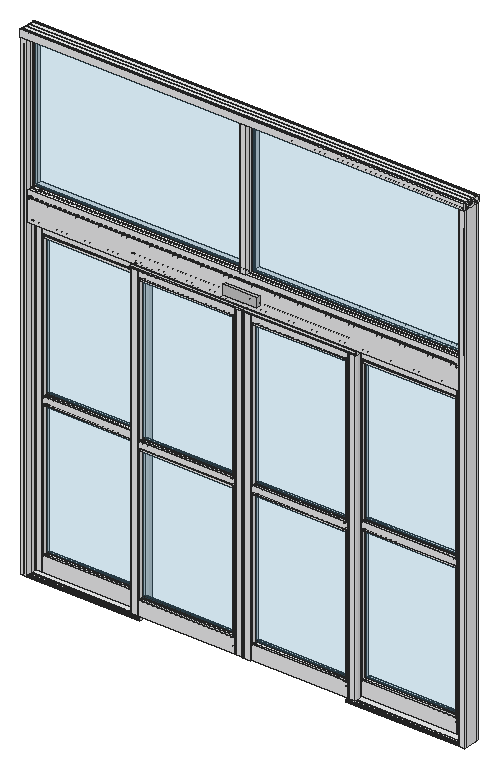
Revit family "2-6-11_Sliding-Door_TX9300SL_Bipart-Inside-Slide-w-Transom-SO-SX-SX-SO_Tormax", category Doors, host Wall, Revit 2026
Family settings
  Host = Wall
  Classification Number = 23.30.10.00
  Always vertical = Yes
  Cut with Voids When Loaded = No
  Shared = No
  Room Calculation Point = No
Parameters (values of type "10'-0" Package Width")
  Width = 10' - 0"
  URL = "https://www.tormaxusa.com"
  Thickness = 0' - 4 1/2"  # constant formula
  Specification = "https://www.arcat.com/company/tormax-usa-inc-43969/spec"
  Rough Width = Width + 0' 0 1/2"  # 10' - 0 1/2"
  Rough Height = Height + 0' 0 1/4"  # 11' - 0 1/4"
  Product Page URL = "https://www.arcat.com/arcatcos/cos43/arc43969.html"
  Model = "TX9300SL"
  Manufacturer = "Tormax"
  Keynote = "08 42 29"
  Height = 11' - 0"  # constant formula
  Glass = Glass - Tormax
  Frame Projection Ext. = 0' - 0"
  Frame Projection Int. = 0' - 0"
  Frame Width = 0' - 0"
  Wall Closure = By host
  Door Width = Width / 4 + 0' 0 3/8"  # 2' - 6 3/8"
  Door Height = Height  # 11' - 0"
  Frame Material = Aluminum - Tormax
  Description = "Bipart Inside Slide Application w/ Transom (SO-SX-SX-SO), 10'-0\" Package Width"
  Define Thermal Properties by = Schematic Type
  Copyright = "ARCAT"
  CAD Details = "https://www.arcat.com/company/tormax-usa-inc-43969/cad"
  Analytic Construction = "<None>"
Reference planes (in)
  plane 1 "Center (Front/Back)": y = 0
  plane 2 "Center (Left/Right)": x = 0
  plane 3 "Left": x = -60.25
  plane 4 "Right": x = 60.25
  plane 5 "Top": z = 131.75
  plane 6 "Exterior": y = 3
  plane 7 "Interior": y = -3
  plane 8: x = -0.0625
  plane 9: x = 0.0625
  plane 10: y = -2.25
  plane 11 "4": z = 85
  plane 12: x = -60
  plane 13: x = 60
  plane 14: z = 131.5
  plane 15: y = 2.25
  plane 16: x = -58.24908
  plane 17: x = 58.24908
  plane 18: y = 0.98506
  plane 19: y = -1.38997
  plane 20: x = -15.25
  plane 21: z = 91.5
  plane 22: x = -30.4375
  plane 23: x = 30.4375
  plane 24: x = 15.25
  plane 25: z = 129.6875
  plane 26: x = -27.8127
  plane 27: x = 27.8127
  plane 28: z = -0.5
  plane 29: z = 0.5
Forms (in)
  Extrusion 1, solid, material "Plastic - Tormax - Grey"
    sketch origin (0, 0, 0) x (1, 0, 0) y (0, 0, 1)
      loop
        line (-4.5, 89.555) -> (-4.5, 86.945) -> (4.5, 86.945) -> (4.5, 89.555) -> (-4.5, 89.555)
    from 2.23036 to 3.23457
  Extrusion 2, solid, material "Plastic - Tormax - Grey"
    sketch origin (0, 0, 0) x (1, 0, 0) y (0, 0, 1)
      loop
        line (-4.5, 89.555) -> (-4.5, 86.945) -> (4.5, 86.945) -> (4.5, 89.555) -> (-4.5, 89.555)
    from -3.25 to -2.23457
  Sweep 3, solid, material "Aluminum - Tormax" <- "Frame Material"
    path origin (0, 0, 0) x (1, 0, 0) y (0, 0, 1)
      loop
        line (-58.24908, 85) -> (58.24908, 85)
    profile origin (0, 0, 85) x (0, 0, 1) y (0, -1, 0)
      loop
        line (5.77619, 2.07466) -> (5.77619, 1.22179) -> (5.91858, 1.22179)
        arc (5.91858, 1.22179) -> (5.95775, 1.20557) -> (5.97397, 1.1664) r 0.05539
        line (5.97397, 1.1664) -> (5.97397, 1.11939) -> (6.03942, 1.11939) -> (6.06795, 1.15867) -> (6.25171, 1.15867) -> (6.25171, 0.53164) -> (6.11284, 0.53164) -> (6.11284, 0.64246) -> (6.03429, 0.64246) -> (6.03429, 0.53164) -> (5.97397, 0.53164) -> (5.97397, 0.29669) -> (6.05393, 0.29669) -> (6.05393, 0.42995) -> (6.1928, 0.42995) -> (6.1928, 0.32403) -> (6.33027, 0.32403) -> (6.33027, -0.00721) -> (6.1928, -0.00721) -> (6.1928, -0.11382) -> (6.05393, -0.11382) -> (6.05393, 0.01944) -> (5.97397, 0.01944) -> (5.97397, -0.19378) -> (6.27276, -0.19378) -> (6.27276, -0.11503)
        arc (6.27276, -0.11503) -> (6.30151, -0.08627) -> (6.33027, -0.11503) r 0.02876
        line (6.33027, -0.11503) -> (6.33027, -0.44908)
        arc (6.33027, -0.44908) -> (6.30151, -0.47783) -> (6.27276, -0.44908) r 0.02876
        line (6.27276, -0.44908) -> (6.27276, -0.37032) -> (5.97397, -0.37032) -> (5.97397, -0.58354) -> (6.05393, -0.58354) -> (6.05393, -0.45028) -> (6.1928, -0.45028) -> (6.1928, -0.55689) -> (6.33027, -0.55689) -> (6.33027, -0.88653) -> (6.1928, -0.88653) -> (6.1928, -0.99314) -> (6.05393, -0.99314) -> (6.05393, -0.85988) -> (5.97397, -0.85988) -> (5.97397, -1.0731) -> (6.27276, -1.0731) -> (6.27276, -0.99434)
        arc (6.27276, -0.99434) -> (6.30151, -0.96559) -> (6.33027, -0.99434) r 0.02876
        line (6.33027, -0.99434) -> (6.33027, -1.32981)
        arc (6.33027, -1.32981) -> (6.30151, -1.35856) -> (6.27276, -1.32981) r 0.02876
        line (6.27276, -1.32981) -> (6.27276, -1.25125) -> (5.97397, -1.25125) -> (5.97397, -1.46306) -> (6.05393, -1.46306) -> (6.05393, -1.3298) -> (6.1928, -1.3298) -> (6.1928, -1.43623) -> (6.24189, -1.43623) -> (6.24189, -1.76475) -> (6.1928, -1.76475) -> (6.1928, -1.87407) -> (6.05393, -1.87407) -> (6.05393, -1.7394) -> (5.97397, -1.7394) -> (5.97397, -1.93598)
        arc (5.97397, -1.93598) -> (5.93664, -2.02611) -> (5.84651, -2.06344) r 0.12746
        line (5.84651, -2.06344) -> (1.75483, -2.06344) -> (1.75483, -1.53331) -> (1.9456, -1.35354) -> (1.9456, -0.73504) -> (1.83128, -0.62071) -> (2.08658, -0.36541) -> (2.03117, -0.31001) -> (1.93648, -0.40469) -> (1.83689, -0.3051) -> (1.91264, -0.22935) -> (1.85512, -0.17184) -> (2.08868, 0.06172) -> (2.14619, 0.00421) -> (2.22127, 0.07928) -> (2.32086, -0.02032) -> (2.22615, -0.11502) -> (2.28156, -0.17043) -> (2.38466, -0.06733) -> (2.38466, 0.9202) -> (2.23457, 0.9202) -> (2.23457, 0.32723)
        arc (2.23457, 0.32723) -> (2.2005, 0.23362) -> (2.11423, 0.18382) r 0.14562
        line (2.11423, 0.18382) -> (2.0338, 0.16963)
        arc (2.0338, 0.16963) -> (1.99627, 0.15695) -> (1.96422, 0.13365) r 0.13141
        line (1.96422, 0.13365) -> (1.83569, 0.00654)
        arc (1.83569, 0.00654) -> (1.6158, -0.06179) -> (1.43332, 0.07864) r 0.25
        line (1.43332, 0.07864) -> (1.36206, 0.23145) -> (1.17269, 0.23145) -> (1.17269, 0.1529) -> (1.30595, 0.1529) -> (1.30595, 0.01262) -> (1.19934, 0.01262) -> (1.19934, -0.06867) -> (0.8697, -0.06867) -> (0.8697, 0.01262) -> (0.76309, 0.01262) -> (0.76309, 0.1529) -> (0.89635, 0.1529) -> (0.89635, 0.23145) -> (0.59196, 0.23145) -> (0.59196, 0.11643) -> (0.47481, 0.11643)
        arc (0.47481, 0.11643) -> (0.40392, 0.14579) -> (0.37455, 0.21669) r 0.10026
        line (0.37455, 0.21669) -> (0.37455, 1.02507)
        arc (0.37455, 1.02507) -> (0.36443, 1.03854) -> (0.34867, 1.03258) r 0.01403
        line (0.34867, 1.03258) -> (0.23145, 0.84785) -> (0.23145, 0.28897) -> (-0.01964, 0.28897) -> (-0.01964, 0.45028) -> (-0.21462, 0.45028) -> (-0.21462, 0.4068) -> (-0.15431, 0.4068) -> (-0.15431, 0.33666) -> (-0.48395, 0.33666) -> (-0.48395, 0.4068) -> (-0.42504, 0.4068) -> (-0.42504, 0.45028) -> (-0.62422, 0.45028) -> (-0.62422, 0.04489) -> (-0.42504, 0.04489) -> (-0.42504, 0.08837) -> (-0.48395, 0.08837) -> (-0.48395, 0.15851) -> (-0.15431, 0.15851) -> (-0.15431, 0.08837) -> (-0.21462, 0.08837) -> (-0.21462, 0.04489) -> (0, 0.04489) -> (0, -2.23457) -> (6.5, -2.23457) -> (6.5, -2.00635)
        arc (6.5, -2.00635) -> (6.48905, -1.99208) -> (6.47243, -1.99896) r 0.01477
        line (6.47243, -1.99896) -> (6.41577, -2.09711)
        arc (6.41577, -2.09711) -> (6.39129, -2.10725) -> (6.37515, -2.08622) r 0.02177
        line (6.37515, -2.08622) -> (6.37515, -1.85076) -> (6.5, -1.72592) -> (6.5, 2.23036) -> (0.28141, 2.23036) -> (0.28141, 1.68048) -> (0.40539, 1.68048) -> (0.40539, 2.10552) -> (6.03008, 2.10552) -> (6.03008, 1.97602) -> (5.93246, 1.97602)
        arc (5.93246, 1.97602) -> (5.88314, 1.9267) -> (5.93246, 1.87738) r 0.04932
        line (5.93246, 1.87738) -> (6.29099, 1.87738) -> (6.29099, 2.1562) -> (6.34244, 2.14241)
        arc (6.34244, 2.14241) -> (6.39719, 1.79317) -> (6.22817, 1.4827) r 0.55026
        line (6.22817, 1.4827) -> (6.14932, 1.4827) -> (6.14932, 1.35631) -> (5.87438, 1.35631) -> (5.87438, 1.93675)
        arc (5.87438, 1.93675) -> (5.89217, 1.97971) -> (5.93513, 1.99751) r 0.06075
        line (5.93513, 1.99751) -> (5.99221, 1.99751) -> (5.99221, 2.07466) -> (5.77619, 2.07466)
      loop
        line (0.07995, -1.86565) -> (0.26091, -1.86565) -> (0.26091, -1.94734) -> (0.30619, -1.97106) -> (0.30619, -2.06344) -> (1.5851, -2.06344) -> (1.5851, -1.38773) -> (1.33962, -1.38773) -> (1.33962, -1.17409) -> (1.41957, -1.17409) -> (1.41957, -1.30735) -> (1.55985, -1.30735) -> (1.55985, -1.20075) -> (1.75062, -1.20075) -> (1.75062, -0.8711) -> (1.55985, -0.8711) -> (1.55985, -0.76309) -> (1.41957, -0.76309) -> (1.41957, -0.89776) -> (1.33962, -0.89776) -> (1.33962, -0.66367) -> (1.69036, -0.66367) -> (1.69036, -0.25479) -> (1.4982, -0.21838) -> (0.7408, -0.21838) -> (0.47711, -0.03365) -> (0.3058, -0.03421) -> (0.3058, -0.2539) -> (0.26091, -0.28335) -> (0.26091, -0.39978) -> (0.07995, -0.39978) -> (0.07995, -1.86565)
  Sweep 4, solid, material "Aluminum - Tormax" <- "Frame Material"
    path origin (0, 0, 0) x (1, 0, 0) y (0, 0, 1)
      loop
        line (-60, 129.6875) -> (-60, -0.5)
    profile origin (-60, 0, 64.59375) x (0, -1, 0) y (1, 0, 0)
      loop
        line (-2.25, 0) -> (-1.81515, 0) -> (-1.81515, 0.11322) -> (-1.69933, 0.11322)
        arc (-1.69933, 0.11322) -> (-1.69067, 0.15137) -> (-1.70596, 0.18738) r 0.06366
        line (-1.70596, 0.18738) -> (-1.81808, 0.18738)
        arc (-1.81808, 0.18738) -> (-1.86945, 0.1699) -> (-1.89951, 0.12472) r 0.08425
        line (-1.89951, 0.12472) -> (-2.12383, 0.12472) -> (-2.12383, 1.62444) -> (-1.01125, 1.62444)
        arc (-1.01125, 1.62444) -> (-0.97854, 1.4893) -> (-0.88136, 1.38986) r 0.2623
        line (-0.88136, 1.38986) -> (-0.88136, 0.87481)
        arc (-0.88136, 0.87481) -> (-0.81729, 0.72014) -> (-0.66261, 0.65607) r 0.21875
        line (-0.66261, 0.65607) -> (0.66817, 0.65607)
        arc (0.66817, 0.65607) -> (0.82039, 0.71912) -> (0.88344, 0.87134) r 0.21527
        line (0.88344, 0.87134) -> (0.88344, 1.39109)
        arc (0.88344, 1.39109) -> (0.97912, 1.49036) -> (1.01125, 1.62444) r 0.2623
        line (1.01125, 1.62444) -> (2.12383, 1.62444) -> (2.12383, 0.12472) -> (1.89951, 0.12472)
        arc (1.89951, 0.12472) -> (1.86945, 0.1699) -> (1.81808, 0.18738) r 0.08425
        line (1.81808, 0.18738) -> (1.71377, 0.18738)
        arc (1.71377, 0.18738) -> (1.69848, 0.15137) -> (1.70714, 0.11322) r 0.06366
        line (1.70714, 0.11322) -> (1.80734, 0.11322) -> (1.80734, 0) -> (2.25, 0) -> (2.25, 1.75092) -> (0.85905, 1.75092) -> (0.85905, 1.49159) -> (0.72205, 1.49159) -> (0.72205, 1.6564) -> (0.66591, 1.6564) -> (0.66591, 1.42631) -> (0.75855, 1.42631) -> (0.75855, 0.87892)
        arc (0.75855, 0.87892) -> (0.72992, 0.80981) -> (0.6608, 0.78118) r 0.09775
        line (0.6608, 0.78118) -> (-0.65544, 0.78118)
        arc (-0.65544, 0.78118) -> (-0.72688, 0.81077) -> (-0.75647, 0.88221) r 0.10104
        line (-0.75647, 0.88221) -> (-0.75647, 1.42631) -> (-0.65809, 1.42631) -> (-0.65809, 1.65835) -> (-0.72205, 1.65835) -> (-0.72205, 1.49159) -> (-0.85868, 1.49159) -> (-0.85868, 1.75092) -> (-2.25, 1.75092) -> (-2.25, 0)
      loop
        line (-1.77192, 0) -> (1.76565, 0) -> (1.76565, 0.07235) -> (1.60504, 0.07235) -> (1.60504, 0.18932) -> (1.6607, 0.18932) -> (1.59241, 0.37695)
        arc (1.59241, 0.37695) -> (1.54664, 0.39829) -> (1.52529, 0.35252) r 0.03571
        line (1.52529, 0.35252) -> (1.57291, 0.22167) -> (1.53738, 0.20277) -> (1.53738, 0.07235) -> (0.63819, 0.07235) -> (0.63819, 0.55414) -> (0.55418, 0.55414) -> (0.55418, 0.07235) -> (-1.53738, 0.07235) -> (-1.53738, 0.20277) -> (-1.57291, 0.22167) -> (-1.52529, 0.35252)
        arc (-1.52529, 0.35252) -> (-1.54664, 0.39829) -> (-1.59241, 0.37695) r 0.03571
        line (-1.59241, 0.37695) -> (-1.6607, 0.18932) -> (-1.60504, 0.18932) -> (-1.60504, 0.07235) -> (-1.77192, 0.07235) -> (-1.77192, 0)
      loop
        line (-2.25, 120) -> (-2.25, 118.24908) -> (-0.85868, 118.24908) -> (-0.85868, 118.50841) -> (-0.72205, 118.50841) -> (-0.72205, 118.34165) -> (-0.65809, 118.34165) -> (-0.65809, 118.57369) -> (-0.75647, 118.57369) -> (-0.75647, 119.11779)
        arc (-0.75647, 119.11779) -> (-0.72688, 119.18923) -> (-0.65544, 119.21882) r 0.10104
        line (-0.65544, 119.21882) -> (0.6608, 119.21882)
        arc (0.6608, 119.21882) -> (0.72992, 119.19019) -> (0.75855, 119.12108) r 0.09775
        line (0.75855, 119.12108) -> (0.75855, 118.57369) -> (0.66591, 118.57369) -> (0.66591, 118.3436) -> (0.72205, 118.3436) -> (0.72205, 118.50841) -> (0.85905, 118.50841) -> (0.85905, 118.24908) -> (2.25, 118.24908) -> (2.25, 120) -> (1.80734, 120) -> (1.80734, 119.88678) -> (1.70714, 119.88678)
        arc (1.70714, 119.88678) -> (1.69848, 119.84863) -> (1.71377, 119.81262) r 0.06366
        line (1.71377, 119.81262) -> (1.81808, 119.81262)
        arc (1.81808, 119.81262) -> (1.86945, 119.8301) -> (1.89951, 119.87528) r 0.08425
        line (1.89951, 119.87528) -> (2.12383, 119.87528) -> (2.12383, 118.37556) -> (1.01125, 118.37556)
        arc (1.01125, 118.37556) -> (0.97912, 118.50964) -> (0.88344, 118.60891) r 0.2623
        line (0.88344, 118.60891) -> (0.88344, 119.12866)
        arc (0.88344, 119.12866) -> (0.82039, 119.28088) -> (0.66817, 119.34393) r 0.21527
        line (0.66817, 119.34393) -> (-0.66261, 119.34393)
        arc (-0.66261, 119.34393) -> (-0.81729, 119.27986) -> (-0.88136, 119.12519) r 0.21875
        line (-0.88136, 119.12519) -> (-0.88136, 118.61014)
        arc (-0.88136, 118.61014) -> (-0.97854, 118.5107) -> (-1.01125, 118.37556) r 0.2623
        line (-1.01125, 118.37556) -> (-2.12383, 118.37556) -> (-2.12383, 119.87528) -> (-1.89951, 119.87528)
        arc (-1.89951, 119.87528) -> (-1.86945, 119.8301) -> (-1.81808, 119.81262) r 0.08425
        line (-1.81808, 119.81262) -> (-1.70596, 119.81262)
        arc (-1.70596, 119.81262) -> (-1.69067, 119.84863) -> (-1.69933, 119.88678) r 0.06366
        line (-1.69933, 119.88678) -> (-1.81515, 119.88678) -> (-1.81515, 120) -> (-2.25, 120)
      loop
        line (-1.77192, 120) -> (-1.77192, 119.92765) -> (-1.60504, 119.92765) -> (-1.60504, 119.81068) -> (-1.6607, 119.81068) -> (-1.59241, 119.62305)
        arc (-1.59241, 119.62305) -> (-1.54664, 119.60171) -> (-1.52529, 119.64748) r 0.03571
        line (-1.52529, 119.64748) -> (-1.57291, 119.77833) -> (-1.53738, 119.79723) -> (-1.53738, 119.92765) -> (0.55418, 119.92765) -> (0.55418, 119.44586) -> (0.63819, 119.44586) -> (0.63819, 119.92765) -> (1.53738, 119.92765) -> (1.53738, 119.79723) -> (1.57291, 119.77833) -> (1.52529, 119.64748)
        arc (1.52529, 119.64748) -> (1.54664, 119.60171) -> (1.59241, 119.62305) r 0.03571
        line (1.59241, 119.62305) -> (1.6607, 119.81068) -> (1.60504, 119.81068) -> (1.60504, 119.92765) -> (1.76565, 119.92765) -> (1.76565, 120) -> (-1.77192, 120)
  Sweep 5, solid, material "Aluminum - Tormax" <- "Frame Material"
    path origin (0, 0, 0) x (-1, 0, 0) y (0, 0, -1)
      loop
        line (-60, -91.5) -> (-60, 0.5)
    profile origin (60, 0, 45.5) x (0, -1, 0) y (1, 0, 0)
      loop
        line (-0.57123, -1.42631) -> (-0.57123, -1.69246) -> (-0.72205, -1.69246) -> (-0.72205, -1.75092) -> (0.72205, -1.75092) -> (0.72205, -1.69246) -> (0.57123, -1.69246) -> (0.57123, -1.42631) -> (0.50727, -1.42631) -> (0.50727, -1.69246) -> (-0.50727, -1.69246) -> (-0.50727, -1.42631) -> (-0.57123, -1.42631)
      loop
        line (-0.57123, -118.57369) -> (-0.50727, -118.57369) -> (-0.50727, -118.30754) -> (0.50727, -118.30754) -> (0.50727, -118.57369) -> (0.57123, -118.57369) -> (0.57123, -118.30754) -> (0.72205, -118.30754) -> (0.72205, -118.24908) -> (-0.72205, -118.24908) -> (-0.72205, -118.30754) -> (-0.57123, -118.30754) -> (-0.57123, -118.57369)
  Sweep 6, solid, material "Aluminum - Tormax" <- "Frame Material"
    path origin (0, 0, 0) x (1, 0, 0) y (0, 0, 1)
      loop
        line (-58.24908, 85) -> (58.24908, 85)
    profile origin (0, 0, 85) x (0, 0, 1) y (0, -1, 0)
      loop
        line (6.5, 2.23457) -> (6.5, 2.00635)
        arc (6.5, 2.00635) -> (6.48905, 1.99208) -> (6.47243, 1.99896) r 0.01477
        line (6.47243, 1.99896) -> (6.41577, 2.09711)
        arc (6.41577, 2.09711) -> (6.39129, 2.10725) -> (6.37515, 2.08622) r 0.02177
        line (6.37515, 2.08622) -> (6.37515, 1.93279) -> (6.5, 1.80795) -> (6.5, -2.23457) -> (8.25016, -2.23457) -> (8.25016, -0.91) -> (8.28253, -0.89192) -> (8.38177, -0.13464) -> (8.42963, -0.06635)
        arc (8.42963, -0.06635) -> (8.4235, -0.03153) -> (8.38868, -0.03765) r 0.025
        line (8.38868, -0.03765) -> (8.27631, -0.198) -> (8.01611, -0.198) -> (8.11017, -0.10524)
        arc (8.11017, -0.10524) -> (8.11036, -0.07696) -> (8.08208, -0.07676) r 0.02
        line (8.08208, -0.07676) -> (7.98196, -0.1755) -> (7.93041, -0.4768) -> (7.80443, -0.5574) -> (7.84777, -0.70193)
        arc (7.84777, -0.70193) -> (7.88086, -0.723) -> (7.9065, -0.69331) r 0.03
        line (7.9065, -0.69331) -> (7.9065, -0.6575) -> (7.94166, -0.6575) -> (7.94166, -0.75425) -> (7.37471, -1.29239) -> (7.37471, -1.04856) -> (7.04734, -1.04856) -> (7.04734, -0.56198) -> (7.37563, -0.56198) -> (7.37563, 0.7666) -> (7.94166, 0.7666) -> (7.94166, 0.6575) -> (7.9065, 0.6575) -> (7.9065, 0.69331)
        arc (7.9065, 0.69331) -> (7.88086, 0.723) -> (7.84777, 0.70193) r 0.03
        line (7.84777, 0.70193) -> (7.80443, 0.5574) -> (7.93041, 0.4768) -> (7.98196, 0.1755) -> (8.08208, 0.07676)
        arc (8.08208, 0.07676) -> (8.11036, 0.07696) -> (8.11017, 0.10524) r 0.02
        line (8.11017, 0.10524) -> (8.01611, 0.198) -> (8.27631, 0.198) -> (8.38868, 0.03765)
        arc (8.38868, 0.03765) -> (8.4235, 0.03153) -> (8.42963, 0.06635) r 0.025
        line (8.42963, 0.06635) -> (8.38177, 0.13464) -> (8.28253, 0.89192) -> (8.25016, 0.91) -> (8.25016, 2.23457) -> (6.5, 2.23457)
      loop
        line (8.12516, 0.98853) -> (8.12516, 2.10957) -> (6.625, 2.10957) -> (6.625, 0.89208) -> (7.91768, 0.89208) -> (8.01405, 0.98853) -> (8.12516, 0.98853)
      loop
        line (7.25063, 0.7666) -> (6.625, 0.7666) -> (6.625, -0.43698) -> (7.25063, -0.43698) -> (7.25063, 0.7666)
      loop
        line (6.625, -2.10957) -> (7.09364, -2.10957) -> (7.09364, -1.39649) -> (6.92148, -1.39649) -> (6.92148, -0.56198) -> (6.625, -0.56198) -> (6.625, -2.10957)
      loop
        line (7.21864, -2.17246) -> (8.20004, -2.17246) -> (8.20004, -0.91763) -> (8.05686, -0.91763) -> (7.95226, -0.81302) -> (7.41137, -1.32644) -> (7.21864, -1.32644) -> (7.21864, -2.17246)
  Sweep 7, solid, material "Aluminum - Tormax" <- "Frame Material"
    path origin (0, 0, 0) x (1, 0, 0) y (0, 0, 1)
      loop
        line (0, 93.25016) -> (0, 129.6875)
    profile origin (0, 0, 111.46883) x (-1, 0, 0) y (0, -1, 0)
      loop
        line (-58.11746, -0.13464) -> (-58.06961, -0.06635)
        arc (-58.06961, -0.06635) -> (-58.07573, -0.03153) -> (-58.11055, -0.03765) r 0.025
        line (-58.11055, -0.03765) -> (-58.22292, -0.198) -> (-58.48313, -0.198) -> (-58.38907, -0.10524)
        arc (-58.38907, -0.10524) -> (-58.38887, -0.07696) -> (-58.41715, -0.07676) r 0.02
        line (-58.41715, -0.07676) -> (-58.51727, -0.1755) -> (-58.56882, -0.4768) -> (-58.6948, -0.5574) -> (-58.65147, -0.70193)
        arc (-58.65147, -0.70193) -> (-58.61838, -0.723) -> (-58.59273, -0.69331) r 0.03
        line (-58.59273, -0.69331) -> (-58.59273, -0.6575) -> (-58.24908, -0.6575) -> (-58.24908, -0.91) -> (-58.21671, -0.89192) -> (-58.11746, -0.13464)
      loop
        line (-58.24908, 0.91) -> (-58.24908, 0.6575) -> (-58.59273, 0.6575) -> (-58.59273, 0.69331)
        arc (-58.59273, 0.69331) -> (-58.61838, 0.723) -> (-58.65147, 0.70193) r 0.03
        line (-58.65147, 0.70193) -> (-58.6948, 0.5574) -> (-58.56882, 0.4768) -> (-58.51727, 0.1755) -> (-58.41715, 0.07676)
        arc (-58.41715, 0.07676) -> (-58.38887, 0.07696) -> (-58.38907, 0.10524) r 0.02
        line (-58.38907, 0.10524) -> (-58.48313, 0.198) -> (-58.22292, 0.198) -> (-58.11055, 0.03765)
        arc (-58.11055, 0.03765) -> (-58.07573, 0.03153) -> (-58.06961, 0.06635) r 0.025
        line (-58.06961, 0.06635) -> (-58.11746, 0.13464) -> (-58.21671, 0.89192) -> (-58.24908, 0.91)
      loop
        line (58.11746, -0.13464) -> (58.21671, -0.89192) -> (58.24908, -0.91) -> (58.24908, -0.6575) -> (58.59273, -0.6575) -> (58.59273, -0.69331)
        arc (58.59273, -0.69331) -> (58.61838, -0.723) -> (58.65147, -0.70193) r 0.03
        line (58.65147, -0.70193) -> (58.6948, -0.5574) -> (58.56882, -0.4768) -> (58.51727, -0.1755) -> (58.41715, -0.07676)
        arc (58.41715, -0.07676) -> (58.38887, -0.07696) -> (58.38907, -0.10524) r 0.02
        line (58.38907, -0.10524) -> (58.48313, -0.198) -> (58.22292, -0.198) -> (58.11055, -0.03765)
        arc (58.11055, -0.03765) -> (58.07573, -0.03153) -> (58.06961, -0.06635) r 0.025
        line (58.06961, -0.06635) -> (58.11746, -0.13464)
      loop
        line (58.24908, 0.91) -> (58.21671, 0.89192) -> (58.11746, 0.13464) -> (58.06961, 0.06635)
        arc (58.06961, 0.06635) -> (58.07573, 0.03153) -> (58.11055, 0.03765) r 0.025
        line (58.11055, 0.03765) -> (58.22292, 0.198) -> (58.48313, 0.198) -> (58.38907, 0.10524)
        arc (58.38907, 0.10524) -> (58.38887, 0.07696) -> (58.41715, 0.07676) r 0.02
        line (58.41715, 0.07676) -> (58.51727, 0.1755) -> (58.56882, 0.4768) -> (58.6948, 0.5574) -> (58.65147, 0.70193)
        arc (58.65147, 0.70193) -> (58.61838, 0.723) -> (58.59273, 0.69331) r 0.03
        line (58.59273, 0.69331) -> (58.59273, 0.6575) -> (58.24908, 0.6575) -> (58.24908, 0.91)
      loop
        line (-0.86836, -2.23457) -> (0.86836, -2.23457) -> (0.86836, -0.91) -> (0.90073, -0.89192) -> (0.9979, -0.13295) -> (1.04558, -0.06492)
        arc (1.04558, -0.06492) -> (1.03948, -0.03023) -> (1.00479, -0.03633) r 0.02491
        line (1.00479, -0.03633) -> (0.93003, -0.14301)
        arc (0.93003, -0.14301) -> (0.88553, -0.18201) -> (0.82805, -0.19607) r 0.12453
        line (0.82805, -0.19607) -> (0.63363, -0.19607) -> (0.72733, -0.10366)
        arc (0.72733, -0.10366) -> (0.72753, -0.07548) -> (0.69935, -0.07529) r 0.01992
        line (0.69935, -0.07529) -> (0.59961, -0.17365) -> (0.53452, -0.55411) -> (0.46593, -0.55411) -> (0.46593, -0.75463) -> (0.26483, -0.75463) -> (0.26483, 0.75463) -> (0.46593, 0.75463) -> (0.46593, 0.55411) -> (0.53452, 0.55411) -> (0.59961, 0.17365) -> (0.69935, 0.07529)
        arc (0.69935, 0.07529) -> (0.72753, 0.07548) -> (0.72733, 0.10366) r 0.01992
        line (0.72733, 0.10366) -> (0.63363, 0.19607) -> (0.82805, 0.19607)
        arc (0.82805, 0.19607) -> (0.88553, 0.18201) -> (0.93003, 0.14301) r 0.12453
        line (0.93003, 0.14301) -> (1.00479, 0.03633)
        arc (1.00479, 0.03633) -> (1.03948, 0.03023) -> (1.04558, 0.06492) r 0.02491
        line (1.04558, 0.06492) -> (0.9979, 0.13295) -> (0.90073, 0.89192) -> (0.86836, 0.91) -> (0.86836, 2.23457) -> (-0.86836, 2.23457) -> (-0.86836, 0.91) -> (-0.90073, 0.89192) -> (-0.9979, 0.13295) -> (-1.04558, 0.06492)
        arc (-1.04558, 0.06492) -> (-1.03948, 0.03023) -> (-1.00479, 0.03633) r 0.02491
        line (-1.00479, 0.03633) -> (-0.93003, 0.14301)
        arc (-0.93003, 0.14301) -> (-0.88553, 0.18201) -> (-0.82805, 0.19607) r 0.12453
        line (-0.82805, 0.19607) -> (-0.63363, 0.19607) -> (-0.72733, 0.10366)
        arc (-0.72733, 0.10366) -> (-0.72753, 0.07548) -> (-0.69935, 0.07529) r 0.01992
        line (-0.69935, 0.07529) -> (-0.59961, 0.17365) -> (-0.53452, 0.55411) -> (-0.46593, 0.55411) -> (-0.46593, 0.75463) -> (-0.26483, 0.75463) -> (-0.26483, -0.75463) -> (-0.46593, -0.75463) -> (-0.46593, -0.55411) -> (-0.53452, -0.55411) -> (-0.59961, -0.17365) -> (-0.69935, -0.07529)
        arc (-0.69935, -0.07529) -> (-0.72753, -0.07548) -> (-0.72733, -0.10366) r 0.01992
        line (-0.72733, -0.10366) -> (-0.63363, -0.19607) -> (-0.82805, -0.19607)
        arc (-0.82805, -0.19607) -> (-0.88553, -0.18201) -> (-0.93003, -0.14301) r 0.12453
        line (-0.93003, -0.14301) -> (-1.00479, -0.03633)
        arc (-1.00479, -0.03633) -> (-1.03948, -0.03023) -> (-1.04558, -0.06492) r 0.02491
        line (-1.04558, -0.06492) -> (-0.9979, -0.13295) -> (-0.90073, -0.89192) -> (-0.86836, -0.91) -> (-0.86836, -2.23457)
      loop
        line (-0.80586, -2.17246) -> (0.80586, -2.17246) -> (0.80586, -0.9319) -> (0.56178, -0.9319) -> (0.56178, -0.83433) -> (0.18513, -0.83433) -> (0.18513, 0.83433) -> (0.56178, 0.83433) -> (0.56178, 0.9319) -> (0.80586, 0.9319) -> (0.80586, 2.17246) -> (-0.80586, 2.17246) -> (-0.80586, 0.9319) -> (-0.56178, 0.9319) -> (-0.56178, 0.83433) -> (-0.18513, 0.83433) -> (-0.18513, -0.83433) -> (-0.56178, -0.83433) -> (-0.56178, -0.9319) -> (-0.80586, -0.9319) -> (-0.80586, -2.17246)
  Extrusion 8, solid, material "Glass - Tormax"
    sketch origin (0, 0, 0) x (1, 0, 0) y (0, 0, 1)
      loop
        line (58.43658, 129.875) -> (0.52461, 129.875) -> (0.52461, 93.06266) -> (58.43658, 93.06266) -> (58.43658, 129.875)
      loop
        line (-0.53125, 129.875) -> (-58.43658, 129.875) -> (-58.43658, 93.06266) -> (-0.53125, 93.06266) -> (-0.53125, 129.875)
    from 0.125 to -0.125
  Sweep 9, solid, material "Aluminum - Tormax" <- "Frame Material"
    path origin (0, 0, 0) x (1, 0, 0) y (0, 0, 1)
      loop
        line (-60, 85) -> (60, 85)
    profile origin (0, 0, 85) x (0, 0, 1) y (0, -1, 0)
      loop
        line (46.42, -2.47) -> (46.42, -1.97) -> (46.5, -1.97) -> (46.5, -1.89) -> (46.42, -1.89) -> (46.42, -0.58) -> (46.5, -0.58) -> (46.5, -0.5) -> (46.42, -0.5) -> (46.42, 0.5) -> (46.5, 0.5) -> (46.5, 0.58) -> (46.42, 0.58) -> (46.42, 1.89) -> (46.5, 1.89) -> (46.5, 1.97) -> (46.42, 1.97) -> (46.42, 2.47) -> (44.6875, 2.47) -> (44.6875, 0.91) -> (44.65513, 0.89192) -> (44.55589, 0.13464) -> (44.50803, 0.06635)
        arc (44.50803, 0.06635) -> (44.51415, 0.03153) -> (44.54897, 0.03765) r 0.025
        line (44.54897, 0.03765) -> (44.66134, 0.198) -> (44.92155, 0.198) -> (44.82749, 0.10524)
        arc (44.82749, 0.10524) -> (44.82729, 0.07696) -> (44.85558, 0.07676) r 0.02
        line (44.85558, 0.07676) -> (44.95569, 0.1755) -> (45.00724, 0.4768) -> (45.13323, 0.5574) -> (45.08989, 0.70193)
        arc (45.08989, 0.70193) -> (45.0568, 0.723) -> (45.03115, 0.69331) r 0.03
        line (45.03115, 0.69331) -> (45.03115, 0.6575) -> (44.996, 0.6575) -> (44.996, 0.75751) -> (45.715, 0.75751) -> (45.715, -0.75751) -> (44.996, -0.75751) -> (44.996, -0.6575) -> (45.03115, -0.6575) -> (45.03115, -0.69331)
        arc (45.03115, -0.69331) -> (45.0568, -0.723) -> (45.08989, -0.70193) r 0.03
        line (45.08989, -0.70193) -> (45.13323, -0.5574) -> (45.00724, -0.4768) -> (44.95569, -0.1755) -> (44.85558, -0.07676)
        arc (44.85558, -0.07676) -> (44.82729, -0.07696) -> (44.82749, -0.10524) r 0.02
        line (44.82749, -0.10524) -> (44.92155, -0.198) -> (44.66134, -0.198) -> (44.54897, -0.03765)
        arc (44.54897, -0.03765) -> (44.51415, -0.03153) -> (44.50803, -0.06635) r 0.025
        line (44.50803, -0.06635) -> (44.55589, -0.13464) -> (44.65513, -0.89192) -> (44.6875, -0.91) -> (44.6875, -2.47) -> (46.42, -2.47)
      loop
        line (44.9375, -2.345) -> (46.295, -2.345) -> (46.295, 2.345) -> (44.9375, 2.345) -> (44.9375, 2.25) -> (44.81793, 2.25) -> (45.0705, 2.15805)
        arc (45.0705, 2.15805) -> (45.09142, 2.11319) -> (45.04656, 2.09227) r 0.035
        line (45.04656, 2.09227) -> (44.9318, 2.13309) -> (44.7675, 2.13309) -> (44.7675, 0.93545) -> (44.90522, 0.93545) -> (45.00308, 0.83751) -> (45.795, 0.83751) -> (45.795, -0.83751) -> (45.00308, -0.83751) -> (44.90522, -0.93545) -> (44.7675, -0.93545) -> (44.7675, -2.13309) -> (44.9318, -2.13309) -> (45.04656, -2.09227)
        arc (45.04656, -2.09227) -> (45.09142, -2.11319) -> (45.0705, -2.15805) r 0.035
        line (45.0705, -2.15805) -> (44.81793, -2.25) -> (44.9375, -2.25) -> (44.9375, -2.345)
  Sweep 10, solid, material "Aluminum - Tormax" <- "Frame Material"
    path origin (0, 0, 0) x (1, 0, 0) y (0, 0, 1)
      loop
        line (58.24908, -0.5) -> (27.8127, -0.5)
    profile origin (43.03089, 0, -0.5) x (0, 0, -1) y (0, -1, 0)
      loop
        line (-0.5, -2.25) -> (-0.35819, -2.25) -> (-0.35819, -2.17159)
        arc (-0.35819, -2.17159) -> (-0.32366, -2.06652) -> (-0.24619, -1.98759) r 0.24334
        arc (-0.24619, -1.98759) -> (-0.15089, -2.01203) -> (-0.18123, -2.10562) r 0.0675
        arc (-0.18123, -2.10562) -> (-0.21181, -2.13263) -> (-0.22319, -2.17181) r 0.07319
        line (-0.22319, -2.17181) -> (-0.22319, -2.25) -> (0, -2.25) -> (0, -1.721) -> (-0.25, -1.721) -> (-0.25, -1.221) -> (0, -1.221) -> (0, -1.021) -> (-0.25, -1.021) -> (-0.25, -0.721) -> (0, -0.721) -> (0, -0.521) -> (-0.25, -0.521) -> (-0.25, -0.221) -> (0, -0.221) -> (0, -0.021) -> (-0.25, -0.021) -> (-0.25, 0.279) -> (0, 0.279) -> (0, 0.479) -> (-0.25, 0.479) -> (-0.25, 0.779) -> (0, 0.779) -> (0, 1.30347) -> (-0.25, 1.30347) -> (-0.25, 1.52047) -> (0, 1.52047) -> (0, 2.25) -> (-0.22319, 2.25) -> (-0.22319, 2.17181)
        arc (-0.22319, 2.17181) -> (-0.21181, 2.13263) -> (-0.18123, 2.10562) r 0.07319
        arc (-0.18123, 2.10562) -> (-0.15089, 2.01203) -> (-0.24619, 1.98759) r 0.0675
        arc (-0.24619, 1.98759) -> (-0.32366, 2.06652) -> (-0.35819, 2.17159) r 0.24334
        line (-0.35819, 2.17159) -> (-0.35819, 2.25) -> (-0.5, 2.25) -> (-0.5, 1.86397) -> (-0.16, 1.86397) -> (-0.16, 1.64697) -> (-0.5, 1.64697) -> (-0.5, 1.17697) -> (-0.16, 1.17697) -> (-0.16, 0.95997) -> (-0.5, 0.95997) -> (-0.5, -2.25)
  Sweep 11, solid, material "Aluminum - Tormax" <- "Frame Material"
    path origin (0, 0, 0) x (-1, 0, 0) y (0, 0, -1)
      loop
        line (58.24908, 0.5) -> (27.8127, 0.5)
    profile origin (-43.03089, 0, -0.5) x (0, 0, 1) y (0, -1, 0)
      loop
        line (0.5, -2.25) -> (0.5, 0.95997) -> (0.16, 0.95997) -> (0.16, 1.17697) -> (0.5, 1.17697) -> (0.5, 1.64697) -> (0.16, 1.64697) -> (0.16, 1.86397) -> (0.5, 1.86397) -> (0.5, 2.25) -> (0.35819, 2.25) -> (0.35819, 2.17159)
        arc (0.35819, 2.17159) -> (0.32366, 2.06652) -> (0.24619, 1.98759) r 0.24334
        arc (0.24619, 1.98759) -> (0.15089, 2.01203) -> (0.18123, 2.10562) r 0.0675
        arc (0.18123, 2.10562) -> (0.21181, 2.13263) -> (0.22319, 2.17181) r 0.07319
        line (0.22319, 2.17181) -> (0.22319, 2.25) -> (0, 2.25) -> (0, 1.52047) -> (0.25, 1.52047) -> (0.25, 1.30347) -> (0, 1.30347) -> (0, 0.779) -> (0.25, 0.779) -> (0.25, 0.479) -> (0, 0.479) -> (0, 0.279) -> (0.25, 0.279) -> (0.25, -0.021) -> (0, -0.021) -> (0, -0.221) -> (0.25, -0.221) -> (0.25, -0.521) -> (0, -0.521) -> (0, -0.721) -> (0.25, -0.721) -> (0.25, -1.021) -> (0, -1.021) -> (0, -1.221) -> (0.25, -1.221) -> (0.25, -1.721) -> (0, -1.721) -> (0, -2.25) -> (0.22319, -2.25) -> (0.22319, -2.17181)
        arc (0.22319, -2.17181) -> (0.21181, -2.13263) -> (0.18123, -2.10562) r 0.07319
        arc (0.18123, -2.10562) -> (0.15089, -2.01203) -> (0.24619, -1.98759) r 0.0675
        arc (0.24619, -1.98759) -> (0.32366, -2.06652) -> (0.35819, -2.17159) r 0.24334
        line (0.35819, -2.17159) -> (0.35819, -2.25) -> (0.5, -2.25)
  Sweep 12, solid, material "Aluminum - Tormax" <- "Frame Material"
    path origin (0, 0, 0) x (1, 0, 0) y (0, 0, 1)
      loop
        line (-30.4375, 85) -> (30.4375, 85)
    profile origin (0, 0, 85) x (0, 0, 1) y (0, -1, 0)
      loop
        line (-0.02668, 1.16007) -> (2.37204, 1.16007)
        arc (2.37204, 1.16007) -> (2.41956, 1.04028) -> (2.53714, 0.98753) r 0.17128
        line (2.53714, 0.98753) -> (2.78024, 0.98753) -> (2.78024, 1.22179) -> (2.70028, 1.22179) -> (2.70028, 1.08853) -> (2.56141, 1.08853) -> (2.56141, 1.19514) -> (2.46883, 1.19514) -> (2.46883, 1.52478) -> (2.56141, 1.52478) -> (2.56141, 1.63279) -> (2.70028, 1.63279) -> (2.70028, 1.49813) -> (2.78024, 1.49813) -> (2.78024, 1.73239) -> (2.53701, 1.73239)
        arc (2.53701, 1.73239) -> (2.41952, 1.67959) -> (2.37204, 1.55985) r 0.17128
        line (2.37204, 1.55985) -> (-0.02597, 1.55985) -> (-0.02597, 2.11033) -> (-1.01701, 2.11033) -> (-1.01701, 1.18839)
        arc (-1.01701, 1.18839) -> (-0.95038, 1.12176) -> (-0.88375, 1.18839) r 0.06663
        line (-0.88375, 1.18839) -> (-0.88375, 1.52011)
        arc (-0.88375, 1.52011) -> (-0.8059, 1.59796) -> (-0.72805, 1.52011) r 0.07785
        line (-0.72805, 1.52011) -> (-0.72805, 1.03723) -> (-0.7028, 0.79455) -> (-0.7028, 0.61079) -> (-0.02668, 0.61079) -> (-0.02668, 1.16007)
Lines and regions (in)
  Opening 1
    outline origin (-90, -3, 0) x (1, 0, 0) y (0, 0, 1)
      loop
        line (29.75, 0) -> (150.25, 0) -> (150.25, 131.75) -> (29.75, 131.75) -> (29.75, 0)
  symbolic lines
    curve 1: line (-18.25, 6.25114, 0) -> (-16.95096, 7.00114, 0)
    curve 2: line (-18.25, 6.25114, 0) -> (-16.95096, 5.50114, 0)
    curve 5: line (-18.25, 6.25114, 0) -> (-15.25, 6.25114, 0)
    curve 6: line (-15.25, 6.25114, 0) -> (-12.25, 6.25114, 0)
    curve 9: line (-18.25, 0, 48.75) -> (-16.95096, 0, 49.5)
    curve 10: line (-18.25, 0, 48.75) -> (-16.95096, 0, 48)
    curve 11: line (-18.25, 0, 48.75) -> (-15.25, 0, 48.75)
    curve 12: line (-15.25, 0, 48.75) -> (-12.25, 0, 48.75)
    curve 17: arc (-60.25, 2.25, 0) -> (-60.125, 2.20201, 0) -> (-60, 2.25, 0) r 0.1868
    curve 18: arc (-60.25, -2.25, 0) -> (-60.125, -2.20201, 0) -> (-60, -2.25, 0) r 0.1868
    curve 19: arc (60.25, 2.25, 0) -> (60.125, 2.20201, 0) -> (60, 2.25, 0) r 0.1868
    curve 20: arc (60.25, -2.25, 0) -> (60.125, -2.20201, 0) -> (60, -2.25, 0) r 0.1868
    curve 21: arc (0, -2.25, 131.75) -> (0, -2.20222, 131.625) -> (0, -2.25, 131.5) r 0.18739
    curve 22: arc (0, 2.25, 131.75) -> (0, 2.20222, 131.625) -> (0, 2.25, 131.5) r 0.18739
    curve 23: line (18.25, 6.25114, 0) -> (16.95096, 7.00114, 0)
    curve 24: line (18.25, 6.25114, 0) -> (16.95096, 5.50114, 0)
    curve 25: line (18.25, 6.25114, 0) -> (15.25, 6.25114, 0)
    curve 26: line (15.25, 6.25114, 0) -> (12.25, 6.25114, 0)
    curve 27: line (18.25, 0, 48.75) -> (16.95096, 0, 49.5)
    curve 28: line (18.25, 0, 48.75) -> (16.95096, 0, 48)
    curve 29: line (18.25, 0, 48.75) -> (15.25, 0, 48.75)
    curve 30: line (15.25, 0, 48.75) -> (12.25, 0, 48.75)
  symbolic lines, not visible
    curve 3: line (-27.55636, -4.55425, 0) -> (-26.25733, -3.80425, 0)
    curve 4: line (-27.55636, -4.55425, 0) -> (-26.25733, -5.30425, 0)
    curve 7: line (-27.55636, -4.55425, 0) -> (-24.55636, -4.55425, 0)
    curve 8: line (-24.55636, -4.55425, 0) -> (-21.55636, -4.55425, 0)
    curve 13: line (22.54055, 0, 51.7829) -> (23.83959, 0, 52.5329)
    curve 14: line (22.54055, 0, 51.7829) -> (23.83959, 0, 51.0329)
    curve 15: line (22.54055, 0, 51.7829) -> (25.54055, 0, 51.7829)
    curve 16: line (25.54055, 0, 51.7829) -> (28.54055, 0, 51.7829)
  symbolic lines, style "Elevation Swing"
    curve 31: line (58.24908, 0, -0.5) -> (27.8127, 0, -0.5)
    curve 32: line (27.8127, 0, -0.5) -> (27.8127, 0, 0)
    curve 33: line (-27.8127, 0, -0.5) -> (-58.24908, 0, -0.5)
    curve 34: line (-27.8127, 0, -0.5) -> (-27.8127, 0, 0)
Text (in)
  text "Exterior" at (-113.21489, 18.10183, 0), in view "Ref. Level"
  text "Interior" at (-113.21489, -11.36704, 0), in view "Ref. Level"
  text "Exterior" at (0, 40.15149, 123.01588), in view "Right"
  text "Interior" at (0, -64.39139, 123.01588), in view "Right"
  text "Interior" at (0, -31.01599, 123.00693), in view "Left"
  text "Exterior" at (0, 54.57065, 123.00693), in view "Left"
Dimensions and locks (in)
  "Rough Height": plane 28 to plane 5 "Top"
  equal spacing: plane 3 "Left", plane 2 "Center (Left/Right)", plane 4 "Right"
  "Rough Width": plane 3 "Left" to plane 4 "Right"
  equal spacing: plane 12, plane 2 "Center (Left/Right)", plane 13
  "Width": plane 12 to plane 13
  "Door Height": plane 14 to plane 28
  plane 14 to plane 11 "4" = 3' - 10 1/2"
  locked: plane 12 to plane 16 at 1.75092
  locked: plane 17 to plane 13 at 1.75092
  equal spacing: plane 8, plane 2 "Center (Left/Right)", plane 9
  locked: plane 8 to plane 9 at 0.125
  plane 2 "Center (Left/Right)" to plane 9 = 0' - 0 1/16"
  plane 10 to plane 19 = 0' - 0.86003"
  plane 18 to plane 15 = 0' - 1.26494"
  locked: plane 15 to curve 6 at 4.00114
  equal spacing: Extrusion 1 sketch curve, plane 2 "Center (Left/Right)", Extrusion 1 sketch curve
  Extrusion 1 sketch curve to Extrusion 1 sketch curve to plane 11 "4" = 0' - 2.61" locked, 0' - 1.945" locked
  equal spacing: Extrusion 2 sketch curve, plane 2 "Center (Left/Right)", Extrusion 2 sketch curve
  Extrusion 2 sketch curve to Extrusion 2 sketch curve to plane 11 "4" = 0' - 2.61" locked, 0' - 1.945" locked
  Extrusion 1 to plane 10 = 0' - 0.98457"
  plane 15 to Extrusion 2 = 0' - 1"
  locked: Extrusion 1 to plane 10 at 0.98457
  locked: plane 15 to Extrusion 2 at 1
  locked: plane 21 to plane 28 at 92
  locked: plane 21 to plane 11 "4" at 6.5
  equal spacing: plane 22, plane 20, plane 8
  equal spacing: plane 9, plane 24, plane 23
  "Door Width": plane 22 to plane 8
  "Door Width": plane 9 to plane 23
  locked: curve 26 to plane 15 at 4.00114
  locked: Extrusion 2 sketch curve to Extrusion 2 sketch curve at 9
  locked: Extrusion 1 sketch curve to Extrusion 1 sketch curve at 9
  locked: plane 25 to Extrusion 8 sketch curve at 0.1875
  locked: plane 21 to Extrusion 8 sketch curve at 1.56266
  locked: plane 17 to Extrusion 8 sketch curve at 0.1875
  locked: Extrusion 8 sketch curve to plane 9 at 0.46211
  locked: plane 8 to Extrusion 8 sketch curve at 0.46875
  locked: plane 16 to Extrusion 8 sketch curve at 0.1875
  locked: plane 25 to plane 14 at 1.8125
  level to nested 2 = 3' - 6"
  locked: plane 22 to plane 26 at 2.6248
  locked: plane 27 to plane 23 at 2.6248
  plane 28 to level to plane 29 = 0' - 0 1/2" locked, 0' - 0 1/2" locked
  aligned and locked: Opening 1 sketch curve to level
  aligned and locked: plane 6 "Exterior" to host wall
  aligned and locked: plane 7 "Interior" to host wall
  aligned and locked: Opening 1 sketch curve to plane 3 "Left"
  aligned and locked: Opening 1 sketch curve to plane 4 "Right"
  aligned and locked: plane 5 "Top" to Opening 1 sketch curve
  aligned and locked: plane 3 "Left" to curve 17
  aligned and locked: plane 15 to curve 17  (x2)
  aligned and locked: plane 12 to curve 17
  aligned and locked: plane 10 to curve 18  (x2)
  aligned and locked: plane 12 to curve 18
  aligned and locked: plane 3 "Left" to curve 18
  aligned and locked: plane 13 to curve 19
  aligned and locked: plane 4 "Right" to curve 19
  aligned and locked: plane 15 to curve 19  (x2)
  aligned and locked: plane 10 to curve 20  (x2)
  aligned and locked: plane 13 to curve 20
  aligned and locked: plane 4 "Right" to curve 20
  aligned and locked: plane 5 "Top" to curve 21
  aligned and locked: plane 14 to curve 21
  aligned and locked: plane 10 to curve 21  (x2)
  aligned and locked: plane 5 "Top" to curve 22
  aligned and locked: plane 15 to curve 22  (x2)
  aligned and locked: plane 14 to curve 22
  aligned and locked: plane 20 to curve 12
  aligned and locked: plane 20 to curve 6
  aligned and locked: Sweep 4 sketch curve to plane 16  (x2)
  aligned and locked: plane 12 to Sweep 4 sketch curve  (x3)
  aligned and locked: plane 17 to Sweep 5 sketch curve
  aligned and locked: plane 15 to Sweep 4 sketch curve
  aligned and locked: Sweep 4 sketch curve to plane 10
  aligned and locked: Sweep 5 sketch curve to plane 13
  aligned and locked: plane 11 "4" to Sweep 3 sketch curve
  aligned and locked: plane 11 "4" to Sweep 6 sketch curve
  aligned and locked: plane 2 "Center (Left/Right)" to Sweep 7 sketch curve
  aligned and locked: plane 24 to curve 26
  aligned and locked: plane 24 to curve 30
  aligned and locked: Extrusion 8 sketch curve to Extrusion 8 sketch curve  (x2)
  aligned and locked: Sweep 5 sketch curve to plane 16
  aligned and locked: plane 16 to Sweep 7 sketch curve  (x2)
  aligned and locked: Sweep 7 sketch curve to plane 17  (x2)
  aligned and locked: plane 21 to Sweep 5 sketch curve
  aligned and locked: plane 13 to Sweep 4 sketch curve  (x3)
  aligned and locked: plane 17 to Sweep 4 sketch curve  (x2)
  aligned and locked: plane 10 to Sweep 4 sketch curve
  aligned and locked: plane 25 to Sweep 4 sketch curve
  aligned and locked: plane 25 to Sweep 9 sketch curve
  aligned and locked: Sweep 9 sketch curve to plane 25
  aligned and locked: plane 25 to Sweep 7 sketch curve
  aligned and locked: plane 13 to Sweep 9 sketch curve
  aligned and locked: plane 12 to Sweep 9 sketch curve
  aligned and locked: nested 1 to plane 18
  aligned and locked: plane 18 to nested 2
  aligned and locked: plane 26 to nested 1
  aligned and locked: nested 2 to plane 27
  aligned and locked: Sweep 3 sketch curve to plane 11 "4"
  aligned and locked: Sweep 3 sketch curve to plane 21
  aligned and locked: plane 22 to nested 3
  aligned and locked: plane 19 to nested 3
  aligned and locked: nested 4 to plane 19
  aligned and locked: plane 23 to nested 4
  aligned and locked: plane 28 to Sweep 10 sketch curve  (x4)
  aligned and locked: plane 27 to Sweep 10 sketch curve
  aligned and locked: plane 17 to Sweep 10 sketch curve
  aligned and locked: Sweep 10 sketch curve to plane 10
  aligned and locked: Sweep 10 sketch curve to level
  aligned and locked: Sweep 10 sketch curve to plane 15
  aligned and locked: plane 28 to Sweep 11 sketch curve
  aligned and locked: plane 26 to Sweep 11 sketch curve
  aligned and locked: plane 16 to Sweep 11 sketch curve
  aligned and locked: plane 28 to Sweep 4 sketch curve
  aligned and locked: plane 28 to Sweep 5 sketch curve
  aligned and locked: plane 28 to curve 31
  aligned and locked: curve 32 to plane 27
  aligned and locked: level to curve 32
  aligned and locked: plane 17 to curve 31
  aligned and locked: plane 28 to curve 33
  aligned and locked: plane 26 to curve 34
  aligned and locked: plane 16 to curve 33
  aligned and locked: level to curve 34
  aligned and locked: Extrusion 1 to Sweep 3
  aligned and locked: Extrusion 2 to Sweep 3
  aligned and locked: plane 22 to Sweep 12 sketch curve
  aligned and locked: plane 23 to Sweep 12 sketch curve
Automatic sketch dimensions
  curve 1 to curve 2 = 0' - 0"
  curve 2 to curve 5 = 0' - 1.70096"
  curve 2 to curve 1 = 0' - 1 1/2"
  curve 1 to curve 6 = 0' - 3"
  curve 5 to curve 6 = 0' - 3"
  curve 2 to curve 1 = 0' - 0 3/4"
  curve 3 to curve 4 = 0' - 0"
  curve 4 to curve 7 = 0' - 1.70096"
  curve 4 to curve 3 = 0' - 1 1/2"
  curve 3 to curve 8 = 0' - 3"
  curve 7 to curve 8 = 0' - 3"
  curve 4 to curve 3 = 0' - 0 3/4"
  curve 23 to curve 24 = 0' - 0"
  curve 24 to curve 25 = 0' - 1.70096"
  curve 23 to curve 24 = 0' - 1 1/2"
  curve 23 to curve 26 = 0' - 3"
  curve 25 to curve 26 = 0' - 3"
  curve 23 to curve 24 = 0' - 0 3/4"
  plane 10 to curve 18 = 0' - 0.13881"
  plane 10 to curve 20 = 0' - 0.13881"
  curve 19 to plane 15 = 0' - 0.13881"
  curve 17 to plane 15 = 0' - 0.13881"
  Sweep 3 sketch curve to plane 16 = 0' - 0"
  plane 17 to Sweep 3 sketch curve = 0' - 0"
  profile plane to Sweep 3 sketch curve = 0' - 0.01964"
  profile plane to Sweep 3 sketch curve = 0' - 0.15431"
  Sweep 3 sketch curve to Sweep 3 sketch curve = 0' - 0.13466"  (x2)
  Sweep 3 sketch curve to Sweep 3 sketch curve = 0' - 0.06032"  (x3)
  plane 1 "Center (Front/Back)" to Sweep 3 sketch curve = 0' - 0.08837"
  Sweep 3 sketch curve to Sweep 3 sketch curve = 0' - 0.21041"  (x2)
  Sweep 3 sketch curve to Sweep 3 sketch curve = 0' - 0.05891"  (x2)
  Sweep 3 sketch curve to Sweep 3 sketch curve = 0' - 0.14027"  (x2)
  Sweep 3 sketch curve to profile plane = 0' - 0.07995"  (x2)
  Sweep 3 sketch curve to profile plane = 0' - 0.23145"
  Sweep 3 sketch curve to Sweep 3 sketch curve = 0' - 0.18095"  (x2)
  Sweep 3 sketch curve to profile plane = 0' - 0.28141"
  Sweep 3 sketch curve to Sweep 3 sketch curve = 0' - 0.04489"
  Sweep 3 sketch curve to Sweep 3 sketch curve = 0' - 0.04528"
  Sweep 3 sketch curve to Sweep 3 sketch curve = 0' - 0.11722"
  Sweep 3 sketch curve to Sweep 3 sketch curve = 0' - 0.01185"
  Sweep 3 sketch curve to Sweep 3 sketch curve = 0' - 0.01403"
  Sweep 3 sketch curve to Sweep 3 sketch curve = 0' - 0.12398"
  plane 1 "Center (Front/Back)" to Sweep 3 sketch curve = 0' - 0.11643"
  Sweep 3 sketch curve to Sweep 3 sketch curve = 0' - 0.10026"
  Sweep 3 sketch curve to plane 1 "Center (Front/Back)" = 0' - 0.03365"
  Sweep 3 sketch curve to Sweep 3 sketch curve = 0' - 0.0023"
  Sweep 3 sketch curve to Sweep 3 sketch curve = 0' - 0.11715"
  Sweep 3 sketch curve to Sweep 3 sketch curve = 0' - 0.26369"
  Sweep 3 sketch curve to Sweep 3 sketch curve = 0' - 0.17113"
  plane 1 "Center (Front/Back)" to Sweep 3 sketch curve = 0' - 0.01262"  (x2)
  Sweep 3 sketch curve to Sweep 3 sketch curve = 0' - 0.10661"  (x4)
  Sweep 3 sketch curve to Sweep 3 sketch curve = 0' - 0.13326"  (x4)
  Sweep 3 sketch curve to Sweep 3 sketch curve = 0' - 0.27634"  (x4)
  Sweep 3 sketch curve to plane 1 "Center (Front/Back)" = 0' - 0.06867"
  Sweep 3 sketch curve to Sweep 3 sketch curve = 0' - 0.02665"  (x3)
  Sweep 3 sketch curve to Sweep 3 sketch curve = 0' - 1.07871"
  Sweep 3 sketch curve to Sweep 3 sketch curve = 0' - 0"  (x10)
  plane 1 "Center (Front/Back)" to Sweep 3 sketch curve = 0' - 0.23145"
  Sweep 3 sketch curve to Sweep 3 sketch curve = 0' - 0.05611"
  Sweep 3 sketch curve to Sweep 3 sketch curve = 0' - 0.07996"  (x13)
  plane 1 "Center (Front/Back)" to Sweep 3 sketch curve = 0' - 0.07864"
  Sweep 3 sketch curve to Sweep 3 sketch curve = 0' - 0.12737"
  Sweep 3 sketch curve to Sweep 3 sketch curve = 0' - 0.19224"
  Sweep 3 sketch curve to Sweep 3 sketch curve = 0' - 0.14028"  (x2)
  Sweep 3 sketch curve to Sweep 3 sketch curve = 0' - 0.24548"
  Sweep 3 sketch curve to Sweep 3 sketch curve = 0' - 0 29/128"
  Sweep 3 sketch curve to plane 1 "Center (Front/Back)" = 0' - 0.25479"
  Sweep 3 sketch curve to Sweep 3 sketch curve = 0' - 0.19216"
  Sweep 3 sketch curve to Sweep 3 sketch curve = 0' - 0.19077"
  Sweep 3 sketch curve to Sweep 3 sketch curve = 0' - 0.16973"
  Sweep 3 sketch curve to plane 1 "Center (Front/Back)" = 0' - 0.62071"
  Sweep 3 sketch curve to Sweep 3 sketch curve = 0' - 0.14093"
  plane 1 "Center (Front/Back)" to Sweep 3 sketch curve = 0' - 0.00654"
  Sweep 3 sketch curve to Sweep 3 sketch curve = 0' - 0 45/256"
  Sweep 3 sketch curve to Sweep 3 sketch curve = 0' - 0.14653"
  Sweep 3 sketch curve to plane 1 "Center (Front/Back)" = 0' - 0.17184"
  Sweep 3 sketch curve to Sweep 3 sketch curve = 0' - 0.01823"
  Sweep 3 sketch curve to plane 1 "Center (Front/Back)" = 0' - 0.22935"
  Sweep 3 sketch curve to Sweep 3 sketch curve = 0' - 0.05751"
  Sweep 3 sketch curve to plane 1 "Center (Front/Back)" = 0' - 0.40469"
  Sweep 3 sketch curve to Sweep 3 sketch curve = 0' - 0.19498"
  plane 1 "Center (Front/Back)" to Sweep 3 sketch curve = 0' - 0.13365"
  Sweep 3 sketch curve to Sweep 3 sketch curve = 0' - 0.12852"
  Sweep 3 sketch curve to plane 1 "Center (Front/Back)" = 0' - 0.31001"
  plane 1 "Center (Front/Back)" to Sweep 3 sketch curve = 0' - 0.16963"
  Sweep 3 sketch curve to Sweep 3 sketch curve = 0' - 0.06959"
  plane 1 "Center (Front/Back)" to Sweep 3 sketch curve = 0' - 0.04022"
  plane 1 "Center (Front/Back)" to Sweep 3 sketch curve = 0' - 0.06172"
  Sweep 3 sketch curve to Sweep 3 sketch curve = 0' - 0.05514"
  plane 1 "Center (Front/Back)" to Sweep 3 sketch curve = 0' - 0.18382"
  Sweep 3 sketch curve to Sweep 3 sketch curve = 0' - 0.08043"
  plane 1 "Center (Front/Back)" to Sweep 3 sketch curve = 0' - 0.00421"
  plane 1 "Center (Front/Back)" to Sweep 3 sketch curve = 0' - 0.07928"
  Sweep 3 sketch curve to plane 1 "Center (Front/Back)" = 0' - 0.11502"
  Sweep 3 sketch curve to Sweep 3 sketch curve = 0' - 0.14562"
  Sweep 3 sketch curve to plane 1 "Center (Front/Back)" = 0' - 0.17043"
  Sweep 3 sketch curve to Sweep 3 sketch curve = 0' - 0.15009"
  Sweep 3 sketch curve to Sweep 3 sketch curve = 0' - 0.72381"
  Sweep 3 sketch curve to Sweep 3 sketch curve = 0' - 0.65349"
  Sweep 3 sketch curve to Sweep 3 sketch curve = 0' - 0.07881"
  Sweep 3 sketch curve to Sweep 3 sketch curve = 0' - 0.09819"
  Sweep 3 sketch curve to Sweep 3 sketch curve = 0' - 0.0442"
  Sweep 3 sketch curve to Sweep 3 sketch curve = 0' - 0.07746"
  Sweep 3 sketch curve to Sweep 3 sketch curve = 0' - 0.00267"
  Sweep 3 sketch curve to Sweep 3 sketch curve = 0' - 0.05539"
  Sweep 3 sketch curve to Sweep 3 sketch curve = 0' - 0.12746"  (x2)
  plane 1 "Center (Front/Back)" to Sweep 3 sketch curve = 0' - 0.29669"
  Sweep 3 sketch curve to Sweep 3 sketch curve = 0' - 0.05708"
  Sweep 3 sketch curve to Sweep 3 sketch curve = 0' - 0.03787"
  Sweep 3 sketch curve to Sweep 3 sketch curve = 0' - 0.06545"
  plane 1 "Center (Front/Back)" to Sweep 3 sketch curve = 0' - 0.01944"
  Sweep 3 sketch curve to Sweep 3 sketch curve = 0' - 0.02854"
  Sweep 3 sketch curve to Sweep 3 sketch curve = 0' - 0.07855"  (x3)
  Sweep 3 sketch curve to Sweep 3 sketch curve = 0' - 0.27494"
  Sweep 3 sketch curve to Sweep 3 sketch curve = 0' - 0.13887"  (x6)
  Sweep 3 sketch curve to Sweep 3 sketch curve = 0' - 0.07885"
  Sweep 3 sketch curve to Sweep 3 sketch curve = 0' - 0.0491"
  Sweep 3 sketch curve to Sweep 3 sketch curve = 0' - 0.05892"
  plane 1 "Center (Front/Back)" to Sweep 3 sketch curve = 0' - 2.1562"
  Sweep 3 sketch curve to Sweep 3 sketch curve = 0' - 0.20901"
  Sweep 3 sketch curve to Sweep 3 sketch curve = 0' - 0.02876"  (x2)
  Sweep 3 sketch curve to plane 1 "Center (Front/Back)" = 0' - 0.00721"
  plane 1 "Center (Front/Back)" to Sweep 3 sketch curve = 0' - 2.14241"
  Sweep 3 sketch curve to Sweep 3 sketch curve = 0' - 0.05145"
  Sweep 3 sketch curve to Sweep 3 sketch curve = 0' - 0.18236"
  Sweep 3 sketch curve to Sweep 3 sketch curve = 0' - 0.02177"
  Sweep 3 sketch curve to plane 1 "Center (Front/Back)" = 0' - 2.09711"
  Sweep 3 sketch curve to Sweep 3 sketch curve = 0' - 0.01885"
  Sweep 3 sketch curve to plane 1 "Center (Front/Back)" = 0' - 1.99896"
  Sweep 3 sketch curve to Sweep 3 sketch curve = 0' - 0.05666"
  Sweep 3 sketch curve to Sweep 3 sketch curve = 0' - 0.01279"
  Sweep 3 sketch curve to Sweep 3 sketch curve = 0' - 0.01477"
  Sweep 3 sketch curve to Sweep 3 sketch curve = 0' - 0.13746"
  Sweep 3 sketch curve to Sweep 3 sketch curve = 0' - 1.3284"
  Sweep 3 sketch curve to Sweep 3 sketch curve = 0' - 0.09238"
  Sweep 3 sketch curve to Sweep 3 sketch curve = 0' - 0.02372"
  Sweep 3 sketch curve to Sweep 3 sketch curve = 0' - 0.06191"
  Sweep 3 sketch curve to Sweep 3 sketch curve = 0' - 0.08169"
  Sweep 3 sketch curve to Sweep 3 sketch curve = 0' - 0.1482"
  Sweep 3 sketch curve to Sweep 3 sketch curve = 0' - 0.10932"
  Sweep 3 sketch curve to Sweep 3 sketch curve = 0' - 0.13467"
  Sweep 3 sketch curve to Sweep 3 sketch curve = 0' - 0.12485"
  Sweep 3 sketch curve to Sweep 3 sketch curve = 0' - 0.53013"
  Sweep 3 sketch curve to Sweep 3 sketch curve = 0' - 0.02683"
  Sweep 3 sketch curve to Sweep 3 sketch curve = 0' - 0.14557"
  Sweep 3 sketch curve to Sweep 3 sketch curve = 0' - 0.17977"
  Sweep 3 sketch curve to Sweep 3 sketch curve = 0' - 0.10643"
  Sweep 3 sketch curve to Sweep 3 sketch curve = 0' - 0.08038"
  Sweep 3 sketch curve to Sweep 3 sketch curve = 0' - 0.17815"
  Sweep 3 sketch curve to Sweep 3 sketch curve = 0' - 0.07876"  (x3)
  Sweep 3 sketch curve to Sweep 3 sketch curve = 0' - 0.0012"  (x2)
  Sweep 3 sketch curve to Sweep 3 sketch curve = 0' - 0.10781"  (x2)
  Sweep 3 sketch curve to Sweep 3 sketch curve = 0' - 0 11/256"
  Sweep 3 sketch curve to plane 1 "Center (Front/Back)" = 0' - 0.39978"
  Sweep 3 sketch curve to Sweep 3 sketch curve = 0' - 0.11643"
  Sweep 3 sketch curve to Sweep 3 sketch curve = 0' - 0.02946"
  Sweep 3 sketch curve to Sweep 3 sketch curve = 0' - 0.03641"
  Sweep 3 sketch curve to Sweep 3 sketch curve = 0' - 0.17654"
  Sweep 3 sketch curve to plane 1 "Center (Front/Back)" = 0' - 0.03421"
  Sweep 3 sketch curve to Sweep 3 sketch curve = 0' - 0.04349"  (x2)
  plane 1 "Center (Front/Back)" to Sweep 3 sketch curve = 0' - 0.04489"
  Sweep 3 sketch curve to Sweep 3 sketch curve = 0' - 0.07014"  (x3)
  Sweep 3 sketch curve to Sweep 3 sketch curve = 0' - 0.11502"
  Sweep 3 sketch curve to Sweep 3 sketch curve = 0' - 0.13046"
  Sweep 3 sketch curve to Sweep 3 sketch curve = 0' - 0 7/256"
  Sweep 3 sketch curve to Sweep 3 sketch curve = 0' - 0.04769"
  Sweep 3 sketch curve to Sweep 3 sketch curve = 0' - 0.04348"  (x2)
  Sweep 3 sketch curve to Sweep 3 sketch curve = 0' - 0.10169"
  Sweep 3 sketch curve to Sweep 3 sketch curve = 0' - 0.11082"
  Sweep 3 sketch curve to Sweep 3 sketch curve = 0' - 0.59297"
  Sweep 3 sketch curve to Sweep 3 sketch curve = 0' - 0.17721"
  Sweep 3 sketch curve to Sweep 3 sketch curve = 0' - 0.47693"
  Sweep 3 sketch curve to Sweep 3 sketch curve = 0' - 0.03928"
  Sweep 3 sketch curve to Sweep 3 sketch curve = 0' - 0.04701"
  Sweep 3 sketch curve to Sweep 3 sketch curve = 0' - 0.13452"
  Sweep 3 sketch curve to Sweep 3 sketch curve = 0' - 0.12639"
  Sweep 3 sketch curve to Sweep 3 sketch curve = 0' - 0.00971"
